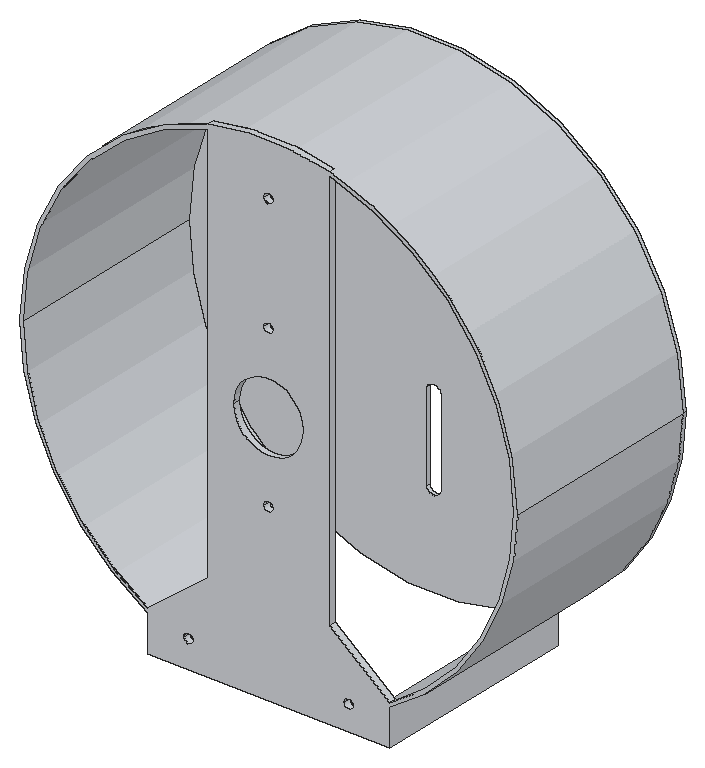
Revit family "AX8603_0015", category Appareils sanitaires, Revit 2016
Family settings
  Hôte = Mur
  Type d'élément = Normal
  Cote de connecteur circulaire = Utiliser le diamètre
  Numéro OmniClass = 23.75.00.00
  Titre OmniClass = Climate Control (HVAC)
  Toujours verticalement = Oui
  Couper avec des vides une fois chargée = Non
  Partagée = Non
  Point de calcul de pièce = Non
Parameters (values of type "Type 1")
  URL = "http://www.axeuro.com/fr/distributeurs-de-papier-toilette/23912-distributeur-de-papier-toilette-ax8603.html?search_query=ax8603&results=3"
  Type de produit / Type of product = "Distributeur de papier toilette / Toilet tissue dispenser"  # constant formula
  Référence / Reference = "AX8603, AX8603P, AX8603W, AX8603-MBK"  # constant formula
  Model = ""
  Manufacturer = ""
  Entreprise / Company = "Axeuro"  # constant formula
  Description = ""
Reference planes
  plane 1 "Mur": y = 0
  plane 2 "Centre (gauche/droite)": x = 0
  plane 3 "Arrière": y = 75
Forms (mm)
  Extrusion 1, solid
    sketch origin (2.974, 75, 0) x (1, 0, 0) y (0, 0, 1)
      loop
        line (62.526, 1019.079) -> (61.097, 1019.079) -> (61.097, 998.454) -> (62.526, 998.454) -> (62.526, 1019.079)
    from -113.966 to 0
  Extrusion 2, solid
    sketch origin (-126.597, 75, 0) x (1, 0, 0) y (0, 0, 1)
      loop
        line (62.526, 1018.924) -> (61.097, 1018.924) -> (61.097, 998.454) -> (62.526, 998.454) -> (62.526, 1018.924)
    from -113.966 to 0
  Extrusion 3, void
    sketch origin (-2.364, 76.009, 23.284) x (1, 0, 0) y (0, 0, 1)
      loop
        line (6.664, 1029.131) -> (6.664, 1076.779)
        arc (6.664, 1076.779) -> (2.803, 1080.117) -> (-1.557, 1077.464) r 4.332
        line (-1.557, 1077.464) -> (-1.557, 1029.383)
        arc (-1.557, 1029.383) -> (2.461, 1026.216) -> (6.664, 1029.131) r 4.3
    from -112.957 to -110.957
  Extrusion 4, solid
    sketch origin (0, 75, 5) x (1, 0, 0) y (0, 0, 1)
      loop
        line (65.5, 993.454) -> (65.5, 1015.747) -> (32.951, 1041.823) -> (32.951, 1262.417)
        arc (32.951, 1262.417) -> (0, 1266.5) -> (-32.951, 1262.417) r 135
        line (-32.951, 1262.417) -> (-32.951, 1041.823) -> (-65.5, 1015.747) -> (-65.5, 993.454) -> (65.5, 993.454)
    from -3.608 to 0
  Extrusion 5, void
    sketch origin (2.953, 75, 7.63) x (1, 0, 0) y (0, 0, 1)
      loop
        circle (-46.473, 1005.97) r 2.6
    from -3.608 to 3.67
  Extrusion 6, void
    sketch origin (-2.953, 75, 6.282) x (-1, 0, 0) y (0, 0, -1)
      loop
        circle (-46.473, -1005.97) r 2.6
    from -3.608 to 3.67
  Extrusion 7, void
    sketch origin (46.473, 75, 236.93) x (1, 0, 0) y (0, 0, 1)
      loop
        circle (-46.473, 1005.97) r 2.6
    from -3.608 to 3.67
  Extrusion 8, void
    sketch origin (46.473, 75, 173.882) x (1, 0, 0) y (0, 0, 1)
      loop
        circle (-46.473, 1005.97) r 2.6
    from -3.608 to 3.67
  Extrusion 9, void
    sketch origin (46.473, 75, 86.882) x (1, 0, 0) y (0, 0, 1)
      loop
        circle (-46.473, 1005.97) r 2.6
    from -3.608 to 3.67
  Extrusion 10, void
    sketch origin (46.473, 75, 130.53) x (1, 0, 0) y (0, 0, 1)
      loop
        circle (-46.473, 1005.97) r 19
    from -3.608 to 3.67
  Revolve 11, solid
    sketch origin (0, 1.009, -10) x (0, 1, 0) y (0, 0, 1)
      loop
        line (187.957, 1146.19) -> (188.866, 1146.19) -> (188.866, 1161.929) -> (188.866, 1163.442)
        arc (188.866, 1163.442) -> (188.998, 1163.988) -> (189.265, 1164.483) r 2.186
        arc (189.265, 1164.483) -> (189.737, 1165.985) -> (189.22, 1167.472) r 2.505
        arc (189.22, 1167.472) -> (188.65, 1168.055) -> (187.957, 1168.485) r 3.399
        line (187.957, 1168.485) -> (187.957, 1146.19)
      axis (189.265, 1146.19) -> (187.957, 1146.19)
    angle from 0 to 360
  Extrusion 12, solid
    sketch origin (0, 75, 0) x (1, 0, 0) y (0, 0, 1)
      loop
        circle (0, 1136.5) r 135
    from -113.966 to -111.966
  Extrusion 13, solid
    sketch origin (0, 75, 0) x (1, 0, 0) y (0, 0, 1)
      loop
        circle (0, 1136.5) r 135
      loop
        circle (0, 1136.5) r 133
    from -111.966 to 0
  Sweep 14, solid
    path origin (0, 79.794, 844.317) x (1, 0, 0) y (0, 0, 1)
      loop
        circle (0, 292.183) r 7.9
    profile origin (0, 79.794, 1128.6) x (0, 0, 1) y (0, -1, 0)
      loop
        line (0.02, -110.08) -> (-3.566, -110.08)
        arc (-3.566, -110.08) -> (-2.623, -113.276) -> (0.02, -115.306) r 5.389
        line (0.02, -115.306) -> (0.02, -110.08)
  Extrusion 15, solid
    sketch origin (7.88, 79.875, 855.803) x (1, 0, 0) y (0, 0, 1)
      loop
        circle (-7.88, 280.697) r 7.9
    from -115.226 to -110
  Extrusion 16, void
    sketch origin (0, 79.875, 855.803) x (1, 0, 0) y (0, 0, 1)
      loop
        line (1.292, 286.514) -> (-1.316, 286.514) -> (-1.316, 274.878) -> (1.292, 274.878) -> (1.292, 286.514)
    from -115.226 to -113.463
  Extrusion 17, void
    sketch origin (0, 0, 0) x (1, 0, 0) y (0, 0, 1)
      loop
        line (-64.07, 1017.672) -> (-64.07, 1000.973) -> (64.07, 1000.973) -> (64.07, 1017.672) -> (59.355, 1021.086) -> (-59.195, 1021.086) -> (-64.07, 1017.672)
    from -188.966 to -75
Cuts and joins
  Extrusion 5, Extrusion 6, Extrusion 7, Extrusion 8, Extrusion 9, Extrusion 10 cuts Extrusion 4
  Extrusion 3 cuts Extrusion 12
  Extrusion 17 cuts Extrusion 13
  joined: Extrusion 1, Extrusion 2, Extrusion 4, Extrusion 12, Extrusion 13
  Extrusion 16 cuts Extrusion 15
Lines and regions (mm)
  reference lines
    curve 1: line (0.007, 0, 1272) -> (0.007, 0, 1271)
    curve 2: line (-90.335, 188.966, 0) -> (-90.335, 186.966, 0)
Text (mm)
  text "Côté de la mise en place" at (-1820.995, 1116.779, 0), in view "Niveau de réf."
  text "Côté de la mise en place" at (0, 1334.055, 2976.191), in view "Gauche"
  text "Côté de la mise en place" at (0, 439.194, 2944.362), in view "Droite"
Dimensions and locks
  host wall to plane 3 "Arrière" = 75 mm
  aligned and locked: plane 1 "Mur" to host wall
